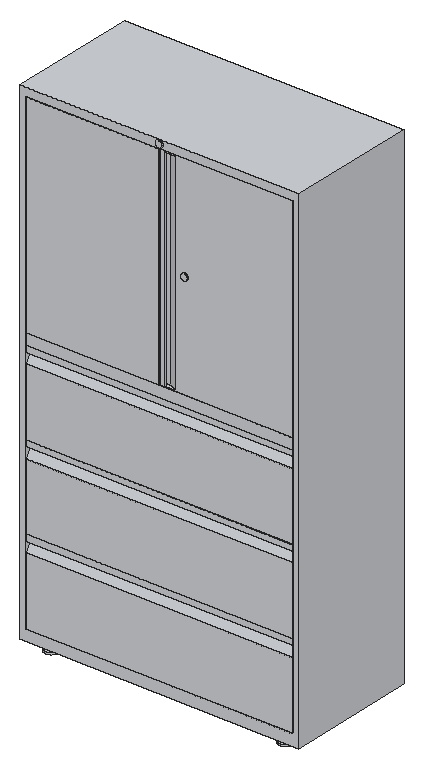
Revit family
Parameters (values of type "10C54ST.3H")
  Width = 1000 mm
  Tie Bar = Width - 40 mm  # 960 mm
  Manufacturer = ""
  Height = 1807 mm
  Flipper Width = Width - 40 mm  # 960 mm
  Drawer Width = Width - 40 mm  # 960 mm
  Doors Width = Width - 40 mm  # 960 mm
  Colour [instance] = ""
  Carbon Footprint = 0
Types (3, lengths in mm): name | Width | Tie Bar | Flipper Width | Drawer Width | Doors Width
  (no name) | 1000 | 960 | 960 | 960 | 960
  08C54ST.3H | 800 | 760 | 760 | 760 | 760
  10C54ST.3H | 1000 | 960 | 960 | 960 | 960
Reference planes
  plane 1 "Center (Front/Back)": y = 0
  plane 2: z = 0
  plane 3 "Center (Left/Right)": x = 0
  plane 4: y = 235
  plane 5: y = -235
  plane 6: x = -500
  plane 7: x = 500
  plane 8: z = 1807
  plane 9: z = 4
  plane 10: z = 25
  plane 11: z = 65
  plane 12: z = 1777
  plane 13: x = -480
  plane 14: x = 480
  plane 15: x = -420
  plane 16: x = 420
  plane 17: y = -195
  plane 18: y = 195
  plane 19: y = 233
  plane 20: y = -215
  plane 21: y = -237
  plane 22: z = 1792
  plane 23: z = 1776
Forms (mm)
  Extrusion 1, solid
    sketch origin (0, 0, 0) x (1, 0, 0) y (0, 0, 1)
      loop
        line (-500, 1807) -> (-500, 25) -> (500, 25) -> (500, 1807) -> (-500, 1807)
      loop
        line (-480, 1777) -> (-480, 65) -> (480, 65) -> (480, 1777) -> (-480, 1777)
    from -235 to 235
  Extrusion 2, solid
    sketch origin (0, 0, 0) x (1, 0, 0) y (0, 0, 1)
      loop
        line (-480, 1777) -> (-480, 65) -> (480, 65) -> (480, 1777) -> (-480, 1777)
    from -235 to -233
  Extrusion 3, solid
    sketch origin (0, 0, 0) x (1, 0, 0) y (0, 1, 0)
      loop
        circle (-420, 195) r 25
      loop
        circle (420, 195) r 25
      loop
        circle (420, -195) r 25
      loop
        circle (-420, -195) r 25
    from 0 to 4
  Extrusion 4, solid
    sketch origin (0, 0, 0) x (1, 0, 0) y (0, 1, 0)
      loop
        circle (-420, 195) r 5
      loop
        circle (420, 195) r 5
      loop
        circle (420, -195) r 5
      loop
        circle (-420, -195) r 5
    from 4 to 25
  Extrusion 5, solid
    sketch origin (0, 0, 0) x (1, 0, 0) y (0, 0, 1)
      loop
        circle (0, 1792) r 11.963
    from 235 to 237
Dimensions and locks
  plane 4 to plane 1 "Center (Front/Back)" to plane 5 = 235 mm locked, 235 mm locked
  equal spacing: plane 6, plane 3 "Center (Left/Right)", plane 7
  "Width": plane 6 to plane 7
  locked: plane 9 to plane 2 at 4
  locked: plane 10 to plane 9 at 21
  locked: plane 11 to plane 10 at 40
  locked: plane 8 to plane 12 at 30
  "Height": plane 8 to plane 2
  locked: plane 13 to plane 6 at 20
  locked: plane 7 to plane 14 at 20
  locked: plane 4 to plane 18 at 40
  locked: plane 17 to plane 5 at 40
  locked: plane 16 to plane 14 at 60
  locked: plane 13 to plane 15 at 60
  locked: plane 4 to plane 19 at 2
  locked: plane 20 to plane 5 at 20
  locked: plane 5 to plane 21 at 2
  plane 8 to plane 22 to plane 12 = 15 mm, 15 mm
  locked: nested 1 to plane 11 at 1
  locked: nested 1 to plane 13 at 1
  locked: plane 14 to nested 1 at 1
  equal spacing: group 3, group 2, group 1
  equal spacing: group 1, group 2, group 3  (x2)
  locked: plane 12 to plane 23 at 1
  radius of Extrusion 3 sketch curve = 25 mm
  aligned and locked: level to plane 2
  aligned and locked: Extrusion 1 sketch curve to plane 8
  aligned and locked: plane 6 to Extrusion 1 sketch curve
  aligned and locked: plane 10 to Extrusion 1 sketch curve
  aligned and locked: Extrusion 1 sketch curve to plane 7
  aligned and locked: Extrusion 1 sketch curve to plane 12
  aligned and locked: plane 13 to Extrusion 1 sketch curve
  aligned and locked: plane 11 to Extrusion 1 sketch curve
  aligned and locked: Extrusion 1 sketch curve to plane 14
  aligned and locked: plane 4 to Extrusion 1
  aligned and locked: Extrusion 1 to plane 5
  aligned and locked: Extrusion 2 sketch curve to Extrusion 1  (x4)
  aligned and locked: Extrusion 2 to plane 19
  aligned and locked: plane 9 to Extrusion 3
  aligned and locked: Extrusion 5 to plane 21
  aligned and locked: plane 5 to Extrusion 5
Automatic sketch dimensions
  Extrusion 3 sketch curve to plane 15 = 0 mm  (x2)
  Extrusion 3 sketch curve to plane 16 = 0 mm  (x2)
  Extrusion 3 sketch curve to plane 17 = 0 mm  (x2)
  Extrusion 3 sketch curve to plane 18 = 0 mm  (x2)
  Extrusion 4 sketch curve to plane 15 = 0 mm  (x2)
  Extrusion 4 sketch curve to plane 16 = 0 mm  (x2)
  Extrusion 4 sketch curve to plane 17 = 0 mm  (x2)
  Extrusion 4 sketch curve to plane 18 = 0 mm  (x2)
  Extrusion 5 sketch curve to plane 3 "Center (Left/Right)" = 0 mm
  Extrusion 5 sketch curve to plane 22 = 0 mm
  radius of Extrusion 3 sketch curve = 25 mm  (x3)
  radius of Extrusion 4 sketch curve = 5 mm  (x4)
  radius of Extrusion 5 sketch curve = 11.963 mm
Nested families
  nested 1: "12 Inch Drawer" at (0, -225, 65), type "12 Inch Drawer"
    with Drawer Width 960 mm
  nested 2: "12 Inch Drawer" at (0, -225, 369), type "12 Inch Drawer"
    with Drawer Width 960 mm
  nested 3: "12 Inch Drawer" at (0, -225, 673), type "12 Inch Drawer"
    with Drawer Width 960 mm
  nested 4: "Tie Bar" at (0, -1, 978), type "Tie Bar"
    with Tie Bar Width 960 mm
  nested 5: "BLF Doors" at (0, -225, 1016), type "BLF Doors"
    with Doors Width 960 mm, Doors Height 761 mm
Definition of nested family "12 Inch Drawer"
  Parameters (values of type "12 Inch Drawer")
    Drawer Width = 760 mm
    Drawer Height = 305 mm
  Reference planes
    plane 1 "Center (Front/Back)": y = 0
    plane 2: z = 0
    plane 3 "Center (Left/Right)": x = 0
    plane 4: x = -380
    plane 5: x = 380
    plane 6: x = -379
    plane 7: x = 379
    plane 8: y = 10
    plane 9: y = -10
    plane 10: z = 305
    plane 11: z = 304
    plane 12: z = 1
    plane 13: x = -378
    plane 14: x = 378
    plane 15: z = 303
    plane 16: z = 284
    plane 17: z = 244
    plane 18: y = -9
    plane 19: y = 9
  Forms (mm)
    Extrusion 1, solid
      sketch origin (0, 0, 0) x (1, 0, 0) y (0, 0, 1)
        loop
          line (-379, 1) -> (379, 1) -> (379, 304) -> (-379, 304) -> (-379, 1)
      from -10 to 10
    Extrusion 2, void
      sketch origin (0, 0, 0) x (0, 1, 0) y (0, 0, 1)
        loop
          line (-10, 284) -> (-10, 244) -> (9, 284) -> (9, 303) -> (-9, 303) -> (-9, 284) -> (-10, 284)
      from -378 to 378
  Cuts and joins
    Extrusion 2 cuts Extrusion 1
  Dimensions and locks
    "Drawer Width": plane 4 to plane 5
    equal spacing: plane 4, plane 3 "Center (Left/Right)", plane 5
    locked: plane 4 to plane 6 at 1
    locked: plane 7 to plane 5 at 1
    locked: plane 8 to plane 9 at 20
    equal spacing: plane 8, plane 1 "Center (Front/Back)", plane 9
    "Drawer Height": plane 10 to level
    locked: plane 10 to plane 11 at 1
    locked: plane 12 to level at 1
    locked: Extrusion 1 to plane 14 at 1
    locked: Extrusion 1 to plane 13 at 1
    locked: plane 11 to plane 15 at 1
    locked: plane 15 to plane 16 at 19
    locked: plane 16 to plane 17 at 40
    locked: plane 9 to plane 18 at 1
    locked: plane 19 to plane 8 at 1
    plane 10 to plane 11 to plane 15 to plane 16 to plane 17 to plane 12 = 1 mm, 1 mm, 19 mm, 40 mm, 243 mm
    locked: plane 6 to plane 13 at 1
    locked: plane 14 to plane 7 at 1
    aligned and locked: level to plane 2
    aligned and locked: plane 7 to Extrusion 1
    aligned and locked: plane 11 to Extrusion 1
    aligned and locked: Extrusion 1 to plane 6
    aligned and locked: Extrusion 1 to plane 12
    aligned and locked: Extrusion 1 to plane 9
    aligned and locked: plane 8 to Extrusion 1
    aligned and locked: plane 15 to Extrusion 2
    aligned and locked: plane 19 to Extrusion 2
    aligned and locked: Extrusion 2 to plane 9
    aligned and locked: plane 16 to Extrusion 2
    aligned and locked: Extrusion 2 to plane 13
    aligned and locked: plane 14 to Extrusion 2
  Automatic sketch dimensions
    Extrusion 1 sketch curve to plane 6 = 0 mm
    Extrusion 1 sketch curve to plane 7 = 0 mm
    Extrusion 1 sketch curve to plane 12 = 0 mm
    Extrusion 1 sketch curve to plane 11 = 0 mm
    Extrusion 2 sketch curve to plane 9 = 0 mm
    Extrusion 2 sketch curve to plane 18 = 0 mm
    Extrusion 2 sketch curve to plane 16 = 0 mm  (x2)
    Extrusion 2 sketch curve to plane 19 = 0 mm
    Extrusion 2 sketch curve to plane 17 = 0 mm
    Extrusion 2 sketch curve to plane 15 = 0 mm
Definition of nested family "Tie Bar"
  Parameters (values of type "Tie Bar")
    Tie Bar Width = 760 mm
  Reference planes
    plane 1 "Center (Front/Back)": y = 0
    plane 2: z = 0
    plane 3 "Center (Left/Right)": x = 0
    plane 4: x = -380
    plane 5: x = 380
    plane 6: y = 234
    plane 7: y = -234
    plane 8: z = 38
    plane 9: x = -379
    plane 10: x = 379
  Forms (mm)
    Extrusion 1, solid
      sketch origin (0, 0, 0) x (1, 0, 0) y (0, 1, 0)
        loop
          line (-379, -234) -> (379, -234) -> (379, 234) -> (-379, 234) -> (-379, -234)
      from 0 to 38
  Dimensions and locks
    equal spacing: plane 4, plane 3 "Center (Left/Right)", plane 5
    "Tie Bar Width": plane 4 to plane 5
    locked: plane 8 to plane 2 at 38
    plane 6 to plane 7 = 468 mm
    equal spacing: plane 6, plane 1 "Center (Front/Back)", plane 7
    locked: plane 4 to plane 9 at 1
    locked: plane 10 to plane 5 at 1
    aligned and locked: level to plane 2
    aligned and locked: Extrusion 1 sketch curve to plane 7
    aligned and locked: Extrusion 1 sketch curve to plane 9
    aligned and locked: plane 6 to Extrusion 1 sketch curve
    aligned and locked: plane 10 to Extrusion 1 sketch curve
    aligned and locked: Extrusion 1 to level
    aligned and locked: plane 8 to Extrusion 1
Definition of nested family "BLF Doors"
  Parameters (values of type "BLF Doors")
    Doors Width = 760 mm
    Doors Height = 610 mm
  Reference planes
    plane 1 "Center (Front/Back)": y = 0
    plane 2: z = 0
    plane 3 "Center (Left/Right)": x = 0
    plane 4: x = -380
    plane 5: x = 380
    plane 6: y = 10
    plane 7: y = -10
    plane 8: x = -379
    plane 9: x = 379
    plane 10: z = 610
    plane 11: x = -378
    plane 12: x = 378
    plane 13: z = 609
    plane 14: z = 1
    plane 15: x = -0.5
    plane 16: x = 0.5
    plane 17: x = 1.5
    plane 18: x = 20.5
    plane 19: x = 60.5
    plane 20: y = 9
    plane 21: y = -9
    plane 22: z = 608
    plane 23: z = 2
    plane 24: z = 305
    plane 25: x = 90.5
    plane 26: y = -12
  Forms (mm)
    Extrusion 1, solid
      sketch origin (0, 0, 0) x (1, 0, 0) y (0, 0, 1)
        loop
          line (-379, 609) -> (-379, 1) -> (-0.5, 1) -> (-0.5, 609) -> (-379, 609)
        loop
          line (0.5, 609) -> (0.5, 1) -> (379, 1) -> (379, 609) -> (0.5, 609)
      from -10 to 10
    Extrusion 2, void
      sketch origin (0, 0, 0) x (1, 0, 0) y (0, 1, 0)
        loop
          line (20.5, -10) -> (60.5, -10) -> (20.5, 9) -> (1.5, 9) -> (1.5, -9) -> (20.5, -9) -> (20.5, -10)
      from 2 to 608
    Extrusion 3, solid
      sketch origin (0, 0, 0) x (1, 0, 0) y (0, 0, 1)
        loop
          circle (90.5, 305) r 12
      from 10 to 12
  Cuts and joins
    Extrusion 2 cuts Extrusion 1
  Dimensions and locks
    "Doors Width": plane 4 to plane 5
    equal spacing: plane 4, plane 3 "Center (Left/Right)", plane 5
    locked: plane 6 to plane 7 at 20
    locked: plane 4 to plane 8 at 1
    locked: plane 9 to plane 5 at 1
    equal spacing: plane 6, plane 1 "Center (Front/Back)", plane 7
    locked: plane 14 to plane 2 at 1
    locked: plane 11 to plane 8 at 1
    locked: plane 9 to plane 12 at 1
    locked: plane 10 to plane 13 at 1
    "Doors Height": plane 10 to plane 2
    plane 16 to plane 3 "Center (Left/Right)" to plane 15 = 0.5 mm locked, 0.5 mm locked
    locked: plane 13 to plane 22 at 1
    locked: plane 23 to plane 14 at 1
    equal spacing: plane 10, plane 24, plane 2
    locked: plane 25 to plane 19 at 30
    locked: plane 7 to plane 26 at 2
    aligned and locked: level to plane 2
    aligned and locked: Extrusion 1 sketch curve to plane 13  (x2)
    aligned and locked: plane 14 to Extrusion 1 sketch curve  (x2)
    aligned and locked: Extrusion 1 sketch curve to plane 15
    aligned and locked: Extrusion 1 sketch curve to plane 16
    aligned and locked: Extrusion 1 sketch curve to plane 9
    aligned and locked: Extrusion 1 to plane 7
    aligned and locked: plane 6 to Extrusion 1
    aligned and locked: plane 20 to Extrusion 2
    aligned and locked: Extrusion 2 to plane 17
    aligned and locked: Extrusion 2 to plane 21
    aligned and locked: plane 18 to Extrusion 2
    aligned and locked: Extrusion 2 to plane 7
    aligned and locked: Extrusion 2 to plane 23
    aligned and locked: plane 22 to Extrusion 2
    aligned and locked: Extrusion 3 to plane 26
    aligned and locked: plane 7 to Extrusion 3
  Automatic sketch dimensions
    Extrusion 1 sketch curve to plane 8 = 0 mm
    Extrusion 1 sketch curve to plane 14 = 0 mm
    Extrusion 2 sketch curve to plane 17 = 0 mm
    Extrusion 2 sketch curve to plane 18 = 0 mm  (x2)
    Extrusion 2 sketch curve to plane 19 = 0 mm
    Extrusion 2 sketch curve to plane 7 = 0 mm
    Extrusion 2 sketch curve to plane 21 = 0 mm
    Extrusion 2 sketch curve to plane 20 = 0 mm
    Extrusion 3 sketch curve to plane 24 = 0 mm
    Extrusion 3 sketch curve to plane 25 = 0 mm
    radius of Extrusion 3 sketch curve = 12 mm
